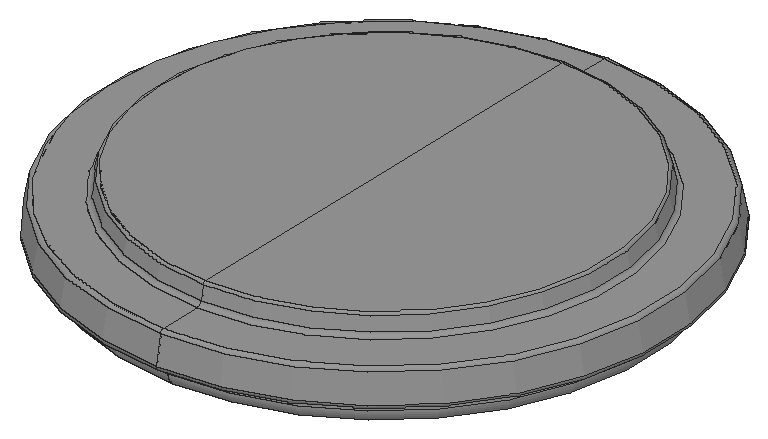
Revit family "FMK12_63_UN_Surface-mounted_ETK", category Lighting Fixtures, Revit 2017 (continued)
Definition of nested family "FMK.1 - Lightsource"
  Types (13, lengths in mm): name | Wattage Comments | Photometric Web File | built-in parameter 1150142 | Apparent Load
    FMK.1139.10 - Ø250x48 / 12W | "12W" | "FMK.1139.10.ies" | "IESNA:LM-63-2002\r\n[TEST] /2015\r\n[TESTLAB] ies2eulumdat.appspot.com\r\n[ISSUEDATE] 2021-06-16T09:00:21.829\r\n[MANUFAC] www.etk.nl\r\n[LUMCAT] FMK.1109.10\r\n[LUMINAIRE] FMK.1 LED 12W 3000/4000/5700K ø250 niet dimbaar\r\n[LAMPCAT] LED\r\n[LAMP] LED\r\nTILT=NONE\r\n1\t1150\t1\t46\t180\t1\t2\t-0.250\t-0.250\t0\r\n1.0\t1.0\t11.80\r\n0\t 2\t 4\t 6\t 8\t 10\t 12\t 14\t 16\t 18\r\n20\t 22\t 24\t 26\t 28\t 30\t 32\t 34\t 36\t 38\r\n40\t 42\t 44\t 46\t 48\t 50\t 52\t 54\t 56\t 58\r\n60\t 62\t 64\t 66\t 68\t 70\t 72\t 74\t 76\t 78\r\n80\t 82\t 84\t 86\t 88\t 90\r\n0\t 2\t 4\t 6\t 8\t 10\t 12\t 14\t 16\t 18\r\n20\t 22\t 24\t 26\t 28\t 30\t 32\t 34\t 36\t 38\r\n40\t 42\t 44\t 46\t 48\t 50\t 52\t 54\t 56\t 58\r\n60\t 62\t 64\t 66\t 68\t 70\t 72\t 74\t 76\t 78\r\n80\t 82\t 84\t 86\t 88\t 90\t 92\t 94\t 96\t 98\r\n100\t 102\t 104\t 106\t 108\t 110\t 112\t 114\t 116\t 118\r\n120\t 122\t 124\t 126\t 128\t 130\t 132\t 134\t 136\t 138\r\n140\t 142\t 144\t 146\t 148\t 150\t 152\t 154\t 156\t 158\r\n160\t 162\t 164\t 166\t 168\t 170\t 172\t 174\t 176\t 178\r\n180\t 182\t 184\t 186\t 188\t 190\t 192\t 194\t 196\t 198\r\n200\t 202\t 204\t 206\t 208\t 210\t 212\t 214\t 216\t 218\r\n220\t 222\t 224\t 226\t 228\t 230\t 232\t 234\t 236\t 238\r\n240\t 242\t 244\t 246\t 248\t 250\t 252\t 254\t 256\t 258\r\n260\t 262\t 264\t 266\t 268\t 270\t 272\t 274\t 276\t 278\r\n280\t 282\t 284\t 286\t 288\t 290\t 292\t 294\t 296\t 298\r\n300\t 302\t 304\t 306\t 308\t 310\t 312\t 314\t 316\t 318\r\n320\t 322\t 324\t 326\t 328\t 330\t 332\t 334\t 336\t 338\r\n340\t 342\t 344\t 346\t 348\t 350\t 352\t 354\t 356\t 358\r\n\r\n405.3384\t404.7765\t404.2265\t402.9975\t401.1013\t399.2051\t395.3191\t391.4331\t387.5471\t383.661\r\n379.7751\t373.4779\t367.169\t360.8717\t354.5746\t348.2657\t339.7094\t331.1415\t322.5852\t314.029\r\n305.461\t294.8096\t284.1582\t273.5069\t262.8555\t252.2041\t239.7267\t227.261\t214.7837\t202.3181\r\n189.8525\t177.3751\t164.9094\t152.432\t139.9664\t127.4891\t0\t0\t0\t0\r\n0\t0\t0\t0\t0\t0\r\n405.3384\t404.7925\t404.2577\t403.0448\t401.1686\t399.2994\t395.4335\t391.5606\t387.7102\t383.8203\r\n379.9334\t373.6444\t367.3443\t361.0453\t354.7325\t348.4388\t339.8983\t331.3616\t322.8117\t314.2627\r\n305.722\t295.0872\t284.4404\t273.8022\t263.1576\t252.5163\t240.0548\t227.5873\t215.131\t202.664\r\n190.1945\t177.7378\t165.2697\t152.8012\t140.3312\t128.1946\t0.3296\t0\t0\t0\r\n0\t0\t0\t0\t0\t0\r\n405.3384\t404.8094\t404.2892\t403.0935\t401.2796\t399.4809\t395.6213\t391.7396\t387.8385\t383.9437\r\n380.072\t373.802\t367.5085\t361.2065\t354.9129\t348.6531\t340.137\t331.5961\t323.0451\t314.5012\r\n305.9895\t295.3818\t284.734\t274.0862\t263.4264\t252.8071\t240.376\t227.9231\t215.4572\t202.995\r\n190.53\t178.0631\t165.6056\t153.1389\t140.6717\t129.4859\t1.3419\t0\t0\t0\r\n0\t0\t0\t0\t0\t0\r\n405.3384\t404.8271\t404.3209\t403.1488\t401.3532\t399.5783\t395.7291\t391.8382\t387.9181\t384.0265\r\n380.1901\t373.9544\t367.6616\t361.3486\t355.0482\t348.8012\t340.3437\t331.8018\t323.2501\t314.6929\r\n306.2129\t295.662\t285.012\t274.3604\t263.7094\t253.1247\t240.74\t228.2758\t215.8122\t203.3491\r\n190.8749\t178.4127\t165.9503\t153.4898\t141.027\t131.3458\t3.1025\t0\t0\t0\r\n0\t0\t0\t0\t0\t0\r\n405.3384\t404.8458\t404.3591\t403.1978\t401.4167\t399.6486\t395.7816\t391.8937\t388.0038\t384.1068\r\n380.2987\t374.1143\t367.817\t361.5156\t355.2003\t348.9967\t340.5979\t332.043\t323.4957\t314.942\r\n306.4955\t295.9896\t285.3021\t274.6328\t263.9659\t253.4202\t241.0823\t228.6129\t216.1591\t203.6915\r\n191.2234\t178.7558\t166.3001\t153.8352\t141.371\t133.6544\t5.718\t0\t0\t0\r\n0\t0\t0\t0\t0\t0\r\n405.3384\t404.8652\t404.3908\t403.2459\t401.4706\t399.6646\t395.8675\t391.9843\t388.0857\t384.1821\r\n380.4316\t374.3456\t368.0256\t361.7021\t355.3697\t349.2\t340.8799\t332.2872\t323.6935\t315.0968\r\n306.6804\t296.3012\t285.6181\t274.9391\t264.248\t253.707\t241.4578\t228.9766\t216.4988\t204.0245\r\n191.5571\t179.0864\t166.6186\t154.1544\t141.6922\t136.24\t9.3369\t0\t0\t0\r\n0\t0\t0\t0\t0\t0\r\n405.3384\t404.8854\t404.4219\t403.2933\t401.5055\t399.7186\t395.9651\t392.0842\t388.1903\t384.3067\r\n380.5784\t374.5562\t368.2162\t361.8639\t355.4958\t349.3364\t341.1183\t332.5123\t323.9013\t315.2964\r\n306.9063\t296.6299\t285.9122\t275.1976\t264.4831\t253.9575\t241.8218\t229.3201\t216.8328\t204.3396\r\n191.8483\t179.3695\t166.8926\t154.4222\t141.9565\t138.8551\t14.1501\t0\t0\t0\r\n0\t0\t0\t0\t0\t0\r\n405.3384\t404.9066\t404.4521\t403.3398\t401.5506\t399.7766\t396.0731\t392.2029\t388.3231\t384.3922\r\n380.6589\t374.7488\t368.3792\t361.9898\t355.5837\t349.4181\t341.3685\t332.7528\t324.1099\t315.4532\r\n307.0598\t296.9581\t286.2249\t275.4731\t264.7159\t254.1799\t242.1928\t229.6762\t217.1659\t204.6692\r\n192.1717\t179.6758\t167.1817\t154.6978\t142.2295\t141.3105\t20.401\t0\t0\t0\r\n0\t0\t0\t0\t0\t0\r\n405.3384\t404.9688\t404.4817\t403.3908\t401.5946\t399.8358\t396.2032\t392.3475\t388.4203\t384.4425\r\n380.7195\t374.9437\t368.5473\t362.1238\t355.6851\t349.5134\t341.9282\t332.9785\t324.3069\t315.6402\r\n306.9436\t297.5694\t286.5262\t275.7395\t264.9593\t254.1623\t242.7912\t230.0358\t217.5005\t204.986\r\n192.4711\t179.9636\t167.4644\t154.9748\t142.4941\t143.2492\t28.3764\t0\t0\t0\r\n0\t0\t0\t0\t0\t0\r\n405.3384\t404.9901\t404.5102\t403.434\t401.6375\t399.8986\t396.3675\t392.4653\t388.4946\t384.4886\r\n380.7515\t375.1532\t368.7296\t362.2829\t355.7949\t349.2691\t342.1908\t333.257\t324.528\t315.7751\r\n307.0363\t297.9246\t286.8722\t276.0236\t265.1733\t254.3419\t243.18\t230.433\t217.8766\t205.3224\r\n192.7845\t180.2462\t167.7206\t155.2142\t142.724\t144.3059\t38.4235\t0\t0\t0\r\n0\t0\t0\t0\t0\t0\r\n405.3384\t405.0108\t404.5376\t403.4745\t401.6757\t399.9613\t396.5103\t392.5677\t388.5717\t384.5293\r\n380.4421\t375.6788\t368.9428\t362.4278\t355.8852\t349.3419\t342.4468\t333.4846\t324.7196\t315.9401\r\n307.1422\t298.1755\t287.1691\t276.2852\t265.4162\t254.5351\t243.54\t230.8321\t218.2158\t205.6051\r\n193.0422\t180.5018\t167.9628\t155.4439\t142.9509\t130.4715\t80.1717\t0\t0\t0\r\n0\t0\t0\t0\t0\t0\r\n405.3384\t405.0308\t404.5638\t403.5122\t401.7197\t400.0344\t396.6479\t392.675\t388.642\t384.5539\r\n380.446\t375.8849\t369.1475\t362.5941\t356.0076\t349.3402\t342.606\t333.7678\t324.9507\t316.0958\r\n307.1888\t298.3823\t287.5427\t276.5987\t265.6547\t254.6769\t243.7733\t231.1892\t218.5583\t205.9536\r\n193.3574\t180.7795\t168.2176\t155.6732\t143.1664\t130.6811\t92.6587\t0\t0\t0\r\n0\t0\t0\t0\t0\t0\r\n405.3384\t405.0504\t404.5956\t403.547\t401.7653\t400.0733\t397.0342\t392.7846\t388.7175\t384.6009\r\n380.4658\t376.0643\t369.3866\t362.7735\t356.0799\t349.3699\t342.7566\t334.0832\t325.1628\t316.2179\r\n307.2752\t298.5357\t287.9146\t276.8913\t265.8705\t254.8646\t244.0337\t231.6235\t218.9315\t206.265\r\n193.6356\t181.0339\t168.4572\t155.9156\t143.3861\t130.8825\t104.473\t0\t0\t0\r\n0\t0\t0\t0\t0\t0\r\n405.3384\t405.0692\t404.6173\t403.5726\t401.812\t400.0922\t397.1653\t392.8976\t388.795\t384.6787\r\n380.4567\t376.1942\t369.6246\t362.9226\t356.2055\t349.4272\t342.8367\t334.3769\t325.3805\t316.3703\r\n307.3625\t298.3377\t288.5546\t277.2123\t266.1258\t255.0391\t244.1559\t232.0335\t219.3073\t206.6258\r\n193.9576\t181.3129\t168.7045\t156.1324\t143.5875\t131.0872\t115.0185\t0\t0\t0\r\n0\t0\t0\t0\t0\t0\r\n405.3384\t405.0876\t404.6362\t403.6022\t401.8688\t399.828\t397.2783\t392.9976\t388.9023\t384.7385\r\n380.4432\t376.2623\t369.8607\t363.1303\t356.3361\t349.4819\t342.5273\t334.9205\t325.6274\t316.563\r\n307.4647\t298.325\t288.8953\t277.552\t266.3836\t255.2249\t244.066\t232.6598\t219.71\t206.9637\r\n194.2635\t181.5828\t168.9417\t156.3369\t143.7678\t131.2452\t123.6219\t0\t0\t0\r\n0\t0\t0\t0\t0\t0\r\n405.3384\t405.1054\t404.6527\t403.6299\t401.9954\t399.8313\t397.3825\t393.1311\t389.0376\t384.7914\r\n380.4256\t376.2601\t370.1442\t363.3441\t356.5\t349.5195\t342.4467\t335.1645\t325.9313\t316.7695\r\n307.548\t298.3169\t289.1161\t277.9297\t266.651\t255.4032\t244.1853\t232.9715\t220.1319\t207.3312\r\n194.5444\t181.8166\t169.148\t156.5181\t143.9438\t131.4005\t129.5504\t10.7169\t0\t0\r\n0\t0\t0\t0\t0\t0\r\n405.3384\t405.1227\t404.6665\t403.6558\t402.0282\t399.8387\t397.4732\t393.2952\t389.1616\t384.8421\r\n380.4176\t375.9014\t370.721\t363.6037\t356.6569\t349.5494\t342.4061\t335.3294\t326.2421\t316.9739\r\n307.6665\t298.3454\t289.1781\t278.2878\t266.963\t255.6467\t244.3238\t233.1536\t220.5163\t207.6577\r\n194.8355\t182.0686\t169.3482\t156.6677\t144.0408\t131.4715\t131.8453\t25.923\t0\t0\r\n0\t0\t0\t0\t0\t0\r\n405.3384\t405.1396\t404.6776\t403.6776\t402.0538\t399.8619\t397.5341\t393.5083\t389.2881\t384.8846\r\n380.4261\t375.832\t370.9139\t363.9038\t356.8028\t349.6355\t342.4017\t335.332\t326.5796\t317.2212\r\n307.8198\t298.3417\t288.8594\t278.9905\t267.339\t255.8866\t244.4302\t233.0061\t221.1259\t208.0094\r\n195.1274\t182.2902\t169.5075\t156.7928\t144.1389\t131.538\t118.9821\t72.5747\t0\t0\r\n0\t0\t0\t0\t0\t0\r\n405.3384\t405.1559\t404.686\t403.7113\t402.0482\t399.882\t397.6063\t393.7003\t389.4083\t384.9648\r\n380.4586\t375.7543\t371.0891\t364.165\t357.0131\t349.7518\t342.4103\t334.9484\t327.1548\t317.4999\r\n307.9709\t298.3923\t288.8332\t279.2321\t267.7019\t256.1485\t244.593\t233.049\t221.4516\t208.379\r\n195.4187\t182.5259\t169.6952\t156.9157\t144.2105\t131.5685\t118.9925\t91.6472\t0\t0\r\n0\t0\t0\t0\t0\t0\r\n405.3384\t405.1718\t404.6918\t403.7304\t402.0748\t399.9057\t397.6713\t393.8957\t389.5114\t385.088\r\n380.4979\t375.7076\t371.0587\t364.4889\t357.2386\t349.9042\t342.4218\t334.8539\t327.2884\t317.8216\r\n308.1836\t298.5219\t288.784\t279.2695\t268.1369\t256.4569\t244.7869\t233.1079\t221.6219\t208.7797\r\n195.7476\t182.7712\t169.842\t157.0084\t144.2669\t131.5897\t118.9856\t106.3522\t0\t0\r\n0\t0\t0\t0\t0\t0\r\n405.3384\t405.1872\t404.677\t403.7455\t402.1069\t399.9332\t397.7438\t394.3242\t389.6719\t385.2237\r\n380.5442\t375.6807\t370.6129\t365.0631\t357.5309\t350.0674\t342.4859\t334.7817\t327.2448\t318.4473\r\n308.4635\t298.6371\t288.784\t278.8955\t268.7927\t256.8209\t244.9966\t233.2361\t221.4851\t209.3772\r\n196.0586\t182.9925\t170.014\t157.1221\t144.303\t131.5659\t118.922\t115.4507\t0.7529\t0\r\n0\t0\t0\t0\t0\t0\r\n405.3384\t405.2023\t404.5924\t403.7567\t402.1445\t399.9518\t397.5215\t394.4699\t389.8906\t385.382\r\n380.6063\t375.6074\t370.4961\t365.1827\t357.8531\t350.2794\t342.5728\t334.767\t326.8088\t318.7303\r\n308.7717\t298.8224\t288.8326\t278.8036\t268.8778\t257.2662\t245.3121\t233.3885\t221.4719\t209.6291\r\n196.4163\t183.2663\t170.1886\t157.217\t144.3317\t131.5459\t118.8227\t106.1876\t17.4697\t0\r\n0\t0\t0\t0\t0\t0\r\n405.3384\t405.217\t404.5944\t403.7643\t402.2164\t399.9969\t397.5215\t394.5348\t390.1198\t385.5481\r\n380.6842\t375.579\t370.3695\t365.1761\t358.5091\t350.5396\t342.7377\t334.7731\t326.7113\t318.7291\r\n309.1553\t299.0695\t288.9289\t278.7193\t268.5571\t257.9194\t245.6422\t233.5555\t221.5159\t209.6959\r\n196.8141\t183.564\t170.3986\t157.3153\t144.3298\t131.4311\t118.6433\t105.963\t65.2493\t0\r\n0\t0\t0\t0\t0\t0\r\n405.3384\t405.2314\t404.597\t403.7683\t402.259\t400.1387\t397.5142\t394.6254\t390.3718\t385.7346\r\n380.7618\t375.6336\t370.2359\t364.7113\t358.7633\t350.8369\t342.942\t334.8576\t326.6208\t318.2983\r\n309.7123\t299.3766\t289.0811\t278.7695\t268.3526\t258.0866\t246.0418\t233.822\t221.6258\t209.5032\r\n197.3492\t183.8918\t170.5912\t157.4067\t144.3357\t131.3476\t118.48\t105.7362\t86.9291\t0\r\n0\t0\t0\t0\t0\t0\r\n405.3384\t405.2454\t404.6007\t403.7691\t402.2969\t400.2013\t397.5194\t394.7022\t390.8756\t385.9297\r\n380.8283\t375.6809\t370.2029\t364.5257\t358.7975\t351.2443\t343.1931\t334.9798\t326.6184\t318.1094\r\n309.6994\t299.7814\t289.3562\t278.8261\t268.235\t257.6488\t246.725\t234.1375\t221.8235\t209.5282\r\n197.4412\t184.2693\t170.8692\t157.5318\t144.3183\t131.2485\t118.3192\t105.4985\t99.8452\t0\r\n0\t0\t0\t0\t0\t0\r\n405.3384\t405.2465\t404.6055\t403.7327\t402.33\t400.28\t397.5374\t394.7758\t391.1064\t386.1222\r\n380.9814\t375.6963\t370.1916\t364.3689\t358.3019\t351.8681\t343.551\t335.1761\t326.6651\t318.0094\r\n309.224\t300.3263\t289.676\t278.9673\t268.2109\t257.4449\t246.79\t234.5954\t222.0662\t209.6096\r\n197.2538\t184.796\t171.1111\t157.6776\t144.3725\t131.1929\t118.1378\t105.2239\t92.4606\t7.417\r\n0\t0\t0\t0\t0\t0\r\n405.3384\t405.26\t404.6117\t403.7331\t402.3583\t400.3318\t397.5727\t394.5667\t391.2865\t386.3445\r\n381.2477\t375.7985\t370.1959\t364.244\t358.0878\t351.9228\t343.9437\t335.4465\t326.8059\t317.9911\r\n309.0489\t300.2024\t290.2985\t279.2004\t268.2951\t257.2789\t246.344\t235.2056\t222.4167\t209.7955\r\n197.2042\t184.8605\t171.4948\t157.9091\t144.4487\t131.1247\t117.9609\t104.9565\t92.1149\t52.9313\r\n0\t0\t0\t0\t0\t0\r\n405.3384\t405.2736\t404.6193\t403.7351\t402.3811\t400.3748\t397.6302\t394.5872\t391.3781\t386.8119\r\n381.4951\t375.9993\t370.2514\t364.1293\t357.9116\t351.3889\t344.5079\t335.822\t327.0416\t318.0736\r\n308.9557\t299.6921\t290.3569\t279.5927\t268.421\t257.3226\t246.1\t234.903\t222.8814\t210.0311\r\n197.2958\t184.6475\t172.0079\t158.165\t144.5452\t131.0796\t117.7978\t104.7315\t91.8426\t76.8551\r\n0\t0\t0\t0\t0\t0\r\n405.3384\t405.2871\t404.6284\t403.7382\t402.383\t400.4092\t397.8019\t394.6157\t391.382\t386.9759\r\n381.7537\t376.2214\t370.3501\t364.1175\t357.7917\t351.1064\t344.4201\t336.5393\t327.3814\t318.2587\r\n308.9705\t299.4656\t289.8818\t280.0753\t268.8078\t257.4031\t245.984\t234.5829\t223.2864\t210.4452\r\n197.4796\t184.6232\t171.8738\t158.4916\t144.6856\t131.1101\t117.7175\t104.5034\t91.5471\t87.0893\r\n0\t0\t0\t0\t0\t0\r\n405.3384\t405.3008\t404.6392\t403.7418\t402.3989\t400.4352\t397.8747\t394.6614\t391.0674\t387.1128\r\n382.2229\t376.4632\t370.4832\t364.2203\t357.7251\t350.8963\t343.8101\t336.6669\t327.8215\t318.561\r\n309.1145\t299.4337\t289.6313\t279.6987\t269.4041\t257.6346\t246.0417\t234.3777\t222.7877\t211.0609\r\n197.8041\t184.6956\t171.7174\t158.9026\t144.9461\t131.1605\t117.657\t104.3263\t91.2411\t78.3968\r\n8.6356\t0\t0\t0\t0\t0\r\n405.3384\t405.3146\t404.6518\t403.7453\t402.4116\t400.4333\t397.9374\t394.7255\t391.0189\t387.2362\r\n382.4741\t376.7553\t370.621\t364.3583\t357.712\t350.7498\t343.5434\t336.0689\t328.3754\t318.9975\r\n309.3575\t299.5473\t289.484\t279.3984\t269.2587\t258.261\t246.2079\t234.3624\t222.4746\t210.6739\r\n198.3975\t184.9162\t171.7187\t158.643\t145.2545\t131.3415\t117.6016\t104.16\t90.981\t78.0548\r\n54.1337\t0\t0\t0\t0\t0\r\n405.3384\t405.4889\t404.6945\t403.6712\t402.4205\t400.4506\t397.9834\t394.8928\t390.9998\t386.973\r\n382.6577\t377.3141\t370.8707\t364.5641\t357.7877\t350.7046\t343.3801\t335.7208\t327.8525\t319.6767\r\n309.7968\t299.7787\t289.6134\t279.2245\t268.6962\t258.2578\t246.6038\t234.4814\t222.3847\t210.2821\r\n198.4381\t185.3347\t171.8446\t158.564\t145.4985\t131.5442\t117.6455\t104.0124\t90.7095\t77.7184\r\n71.0115\t0\t0\t0\t0\t0\r\n405.3384\t405.5009\t404.7104\t403.6809\t402.4254\t400.4644\t398.0198\t394.9896\t391.014\t386.9406\r\n382.6666\t377.537\t371.2201\t364.837\t357.9545\t350.7593\t343.2926\t335.5022\t327.46\t319.1538\r\n310.4783\t300.1684\t289.8497\t279.2431\t268.5397\t257.661\t246.8589\t234.8353\t222.4783\t210.092\r\n197.8192\t185.7046\t172.2109\t158.5712\t145.1721\t131.9025\t117.7262\t103.9048\t90.5045\t77.4349\r\n64.724\t0\t0\t0\t0\t0\r\n405.3384\t405.512\t404.7274\t403.6949\t402.4256\t400.4737\t398.0459\t395.0319\t391.1349\t386.9314\r\n382.368\t377.565\t371.7894\t365.1647\t358.2122\t350.925\t343.2805\t335.4297\t327.1908\t318.7224\r\n309.9642\t300.886\t290.2777\t279.5029\t268.5805\t257.4726\t246.2239\t235.0727\t222.7881\t210.1727\r\n197.5617\t185.0625\t172.6371\t158.8143\t145.0846\t131.6118\t117.8827\t103.9322\t90.3265\t77.1744\r\n64.48\t35.0653\t0\t0\t0\t0\r\n405.3384\t405.522\t404.7455\t403.7452\t402.4209\t400.4773\t398.0588\t395.0488\t391.1753\t387.0135\r\n382.3352\t377.2242\t371.9159\t365.7147\t358.5534\t351.2243\t343.4254\t335.4792\t327.0606\t318.4772\r\n309.4696\t300.3065\t290.8705\t280.0089\t268.8629\t257.5392\t246.0377\t234.4621\t222.8965\t210.6316\r\n197.5873\t184.7291\t171.9505\t159.2993\t145.2866\t131.4601\t118.0115\t103.9741\t90.2222\t76.9361\r\n64.1798\t56.618\t0\t0\t0\t0\r\n405.3384\t405.5308\t404.7649\t403.7651\t402.3395\t400.4737\t398.0593\t395.0424\t391.207\t387.0567\r\n382.3506\t377.1527\t371.6378\t365.821\t359.1154\t351.6039\t343.7387\t335.6237\t327.116\t318.3892\r\n309.185\t299.8538\t290.1589\t280.4669\t269.6277\t257.8645\t246.1541\t234.2897\t222.3665\t210.3175\r\n198.0481\t184.7232\t171.6272\t158.6683\t145.768\t131.577\t117.6798\t104.1455\t90.1031\t76.7097\r\n63.9092\t51.7004\t0\t0\t0\t0\r\n405.3384\t405.5388\t404.7856\t403.7878\t402.34\t400.4766\t398.0469\t395.016\t391.2276\t387.086\r\n382.4782\t377.1848\t371.6139\t365.5258\t359.2193\t352.1252\t344.383\t335.9209\t327.3527\t318.4608\r\n309.1505\t299.601\t289.7392\t279.6691\t269.2868\t258.5846\t246.5891\t234.456\t222.2595\t209.9698\r\n197.5743\t185.146\t171.655\t158.2647\t145.101\t132.0467\t117.7168\t103.7776\t90.1162\t76.5416\r\n63.6537\t51.4481\t11.4644\t0\t0\t0\r\n405.3384\t405.5455\t404.8079\t403.8136\t402.3469\t400.3632\t398.021\t394.9736\t391.2361\t387.0991\r\n382.4999\t377.3413\t371.7228\t365.4801\t358.9167\t352.0852\t344.7107\t336.4982\t327.7775\t318.7203\r\n309.3167\t299.5744\t289.5996\t279.3072\t268.7148\t257.8887\t247.047\t235.2639\t222.5436\t209.9771\r\n197.2699\t184.5597\t171.885\t158.2865\t144.6692\t131.337\t118.1829\t103.7905\t89.9666\t76.4265\r\n63.4089\t51.1676\t44.0861\t0\t0\t0\r\n405.3384\t405.5513\t404.9774\t403.8429\t402.3609\t400.3505\t397.8886\t394.8898\t391.2407\t387.0953\r\n382.4979\t377.3824\t371.7634\t365.5989\t358.905\t351.812\t344.4396\t336.63\t328.3847\t319.3177\r\n309.7407\t299.8087\t289.728\t279.2246\t268.459\t257.4328\t246.1417\t234.7065\t223.2024\t210.4254\r\n197.4644\t184.3923\t171.2764\t158.1367\t144.9817\t130.9885\t117.4819\t104.1949\t89.9202\t76.3115\r\n63.1698\t50.8615\t39.4911\t0\t0\t0\r\n405.3384\t405.5559\t404.9992\t403.8756\t402.382\t400.349\t397.8573\t394.7468\t391.2145\t387.0848\r\n382.4587\t377.3893\t371.7642\t365.6347\t359.0468\t351.9462\t344.3869\t336.3706\t328.1386\t319.4674\r\n310.3444\t300.4744\t290.1739\t279.4322\t268.5321\t257.3547\t245.836\t234.1207\t222.3374\t210.1954\r\n198.078\t184.7804\t171.3331\t157.8412\t144.3958\t131.1966\t117.2105\t103.4803\t90.2145\t76.2405\r\n62.9998\t50.5463\t39.207\t5.7837\t0\t0\r\n405.
